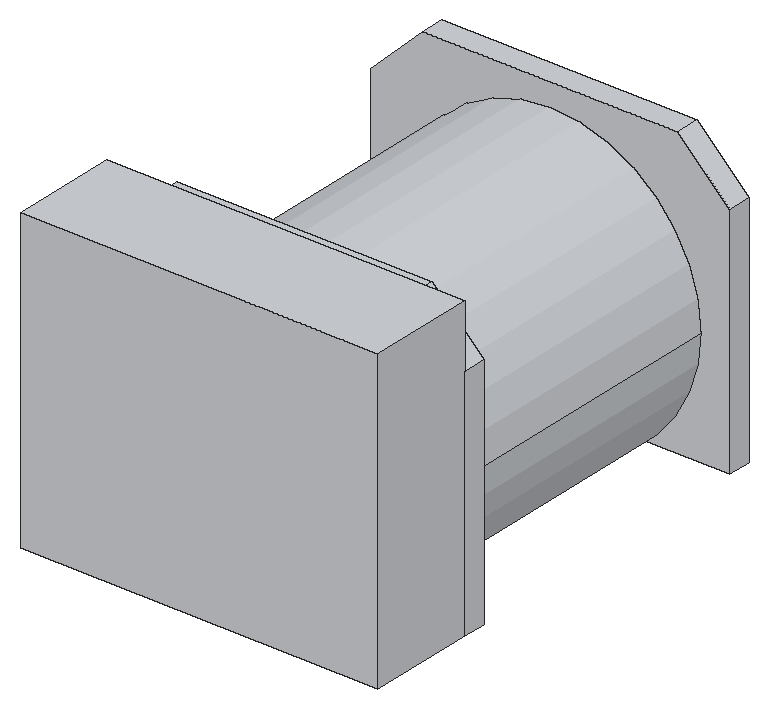
Revit family "Escalator Machine", category Generic Models, Revit 2022
Family settings
  Can host rebar = No
  Round Connector Dimension = Use Diameter
  Part Type = Normal
  Work Plane-Based = No
  Always vertical = Yes
  Cut with Voids When Loaded = No
  Maintain Annotation Orientation = No
  Shared = No
  Room Calculation Point = No
Parameters
  width of bracket = 1260 mm
  inner diameter = 650 mm
  height of bracket = 1000 mm
  height of base = 70 mm
  diameter of motor = 1040 mm
  cut width and height off bracket (1/8) = 180 mm
  Default Elevation = 0 mm
  Base Width = 780 mm
Reference planes
  plane 1 "Center (Front/Back)": y = 0
  plane 2: z = 0
  plane 3 "Center (Left/Right)": x = 0
Forms (mm)
  Extrusion 1, solid
    sketch origin (0, 0, 0) x (1, 0, 0) y (0, 0, 1)
      loop
        circle (0, 400) r 520
    from 704.646 to 1764.992
  Extrusion 2, void
    sketch origin (45, 0, 0) x (1, 0, 0) y (0, 0, 1)
      loop
        line (396.081, 1000) -> (576.081, 820) -> (576.081, 1000) -> (396.081, 1000)
    from 704.646 to 624.061
  Extrusion 3, void
    sketch origin (-45, 0, 0) x (-1, 0, 0) y (0, 0, -1)
      loop
        line (396.081, -1000) -> (576.081, -1000) -> (576.081, -820) -> (396.081, -1000)
    from 704.646 to 624.061
  Extrusion 4, solid
    sketch origin (0, -1145.7, 0) x (1, 0, 0) y (0, 0, 1)
      loop
        line (621.081, 0) -> (621.081, 1000) -> (-621.081, 1000) -> (-621.081, 0) -> (621.081, 0)
    from 624.061 to 704.646
  Extrusion 5, solid
    sketch origin (-11.621, 0, -0.54) x (1, 0, 0) y (0, 0, 1)
      loop
        line (632.702, 0) -> (632.702, 1000) -> (-609.46, 1000) -> (-609.46, 0) -> (632.702, 0)
    from 624.061 to 704.646
  Extrusion 6, void
    sketch origin (-45, -1145.7, 0) x (-1, 0, 0) y (0, 0, -1)
      loop
        line (396.081, -1000) -> (576.081, -1000) -> (576.081, -820) -> (396.081, -1000)
    from 704.646 to 624.061
  Extrusion 7, void
    sketch origin (45, -1145.7, 0) x (1, 0, 0) y (0, 0, 1)
      loop
        line (396.081, 1000) -> (576.081, 820) -> (576.081, 1000) -> (396.081, 1000)
    from 704.646 to 624.061
  Extrusion 8, solid
    sketch origin (0, 0, 0) x (1, 0, 0) y (0, 0, 1)
      loop
        line (-621.081, 0) -> (618.919, 0) -> (618.919, 1040) -> (-621.081, 1040) -> (-621.081, 0)
    from 2224.151 to 1850.346
Cuts and joins
  Extrusion 2, Extrusion 3, Extrusion 6, Extrusion 7 cuts Extrusion 4
  Extrusion 2, Extrusion 3, Extrusion 6, Extrusion 7 cuts Extrusion 5
Dimensions and locks
  equal spacing: Extrusion 4, plane 3 "Center (Left/Right)", Extrusion 4
  Extrusion 5 to Extrusion 5 = 1242.162 mm
  "diameter of motor": diameter of Extrusion 1
  aligned and locked: level to plane 2
Automatic sketch dimensions
  Extrusion 1 sketch curve to plane 3 "Center (Left/Right)" = 0 mm
  level to Extrusion 1 sketch curve = 400 mm
  plane 3 "Center (Left/Right)" to Extrusion 2 sketch curve = 441.081 mm
  Extrusion 2 sketch curve to Extrusion 2 sketch curve = 180 mm  (x2)
  level to Extrusion 2 sketch curve = 820 mm
  Extrusion 3 sketch curve to plane 3 "Center (Left/Right)" = 441.081 mm
  Extrusion 3 sketch curve to Extrusion 3 sketch curve = 180 mm  (x2)
  level to Extrusion 3 sketch curve = 1000 mm
  Extrusion 4 sketch curve to level = 0 mm
  Extrusion 4 sketch curve to plane 3 "Center (Left/Right)" = 621.081 mm
  plane 3 "Center (Left/Right)" to Extrusion 4 sketch curve = 621.081 mm
  Extrusion 4 sketch curve to Extrusion 4 sketch curve = 1000 mm
  Extrusion 5 sketch curve to level = 0.54 mm
  Extrusion 5 sketch curve to plane 3 "Center (Left/Right)" = 621.081 mm
  plane 3 "Center (Left/Right)" to Extrusion 5 sketch curve = 621.081 mm
  level to Extrusion 5 sketch curve = 999.46 mm
  Extrusion 6 sketch curve to plane 3 "Center (Left/Right)" = 441.081 mm
  Extrusion 6 sketch curve to Extrusion 6 sketch curve = 180 mm  (x2)
  level to Extrusion 6 sketch curve = 1000 mm
  plane 3 "Center (Left/Right)" to Extrusion 7 sketch curve = 441.081 mm
  Extrusion 7 sketch curve to Extrusion 7 sketch curve = 180 mm  (x2)
  level to Extrusion 7 sketch curve = 820 mm
  Extrusion 8 sketch curve to level = 0 mm
  Extrusion 8 sketch curve to plane 3 "Center (Left/Right)" = 621.081 mm
  plane 3 "Center (Left/Right)" to Extrusion 8 sketch curve = 618.919 mm
  level to Extrusion 8 sketch curve = 1040 mm
  radius of Extrusion 1 sketch curve = 520 mm
